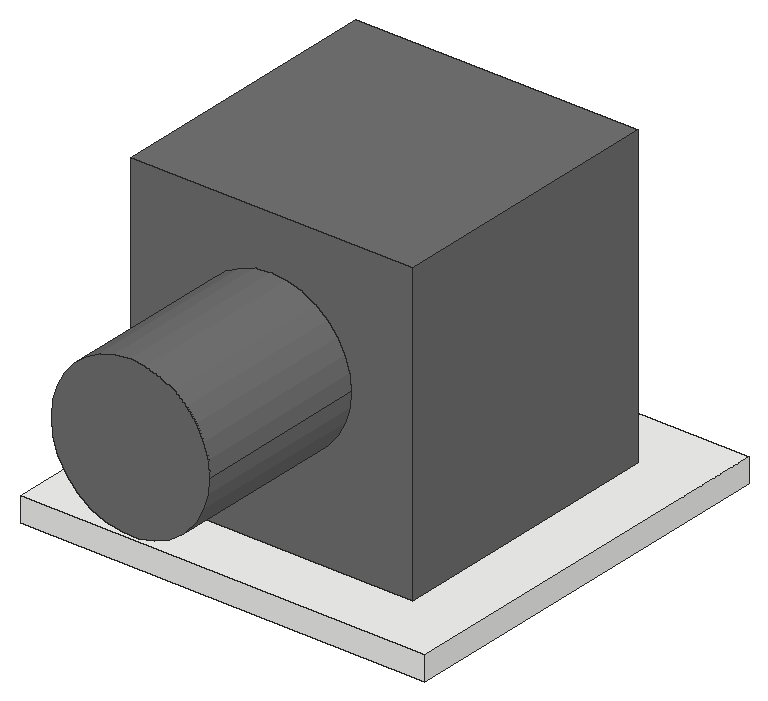
Revit family "ダクト用換気扇_60Hz", category 機械設備, Revit 2019
Family settings
  丸型コネクタ寸法 = 直径を使用
  パーツ タイプ = 標準
  OmniClass 番号 = 23.75.35.17.27
  OmniClass タイトル = Centrifugal Fans
  作業面ベース = いいえ
  常に垂直 = はい
  ロード時にボイドで切り取り = いいえ
  共有 = いいえ
  部屋計算ポイント = はい
Parameters (values of type "VD-10ZVC6")
  騒音レベル(dB(A)) [instance] = 23.5
  風量 [instance] = 100.0 m³/h
  電源種別 [instance] = ""
  電圧 = 100 V
  電動機出力 = 0 W
  電動機_種別 [instance] = ""
  運転質量 = 0.00 kg
  連動 [instance] = ""
  質量 = if(製品質量 > 運転質量, 製品質量, 運転質量) * 1.2  # 1.68 kg
  負荷分類 = 3_ファン類
  説明 = "ダクト用換気扇 低騒音形 24時間換気機能付 定風量タイプ"
  設計風量 [instance] = 0.0 m³/h
  設置方法 = "天埋"
  記号 [instance] = ""
  製造元 = "三菱電機株式会社"
  製品質量 = 1.40 kg
  製品出荷対象 = "国内"
  製品リリース年月 = "2022年6月1日"
  製品グループ = ""
  羽根径 = "∅100"
  系統 [instance] = ""
  符号 [instance] = if(☑給気／□排気, "FS", "FE")  # "FE"
  積算_科目 = "2 換気設備"
  積算_拾い区分 [instance] = ""
  相 = 1
  盤記号 [instance] = ""
  発停方法 [instance] = ""
  特殊仕様 [instance] = ""
  火災停止 [instance] = ""
  消費電力 = 2.6 W
  法定耐用年数 = "15"
  機外静圧 [instance] = 90.0 Pa
  極数 = 2
  材質 [instance] = ""
  操作・制御方式 = ""
  操作・制御スイッチ = ""
  排気量 [instance] = if(☑給気／□排気, 0.0 m³/h, 設計風量)  # 0.0 m³/h
  形式 = "天井埋込ダクト形"
  幹線記号 [instance] = ""
  対象室 [instance] = ""
  実風量 [instance] = 0.0 m³/h
  始動方式 [instance] = "直入"
  外気量 [instance] = if(☑給気／□排気, 設計風量, 0.0 m³/h)  # 0.0 m³/h
  呼称 = "天井扇"
  周波数 = 60 Hz
  参照している仕様書等のバージョン = ""
  分類コード = "50052503100030"
  分類グループ = ""
  価格 = 26000
  企業コード = "108420"
  付属品_防振装置 = ""
  付属品 [instance] = ""
  仕様書バージョン = "Version1.0"
  モデル = "VD-10ZVC6"
  マテリアル = 合成樹脂(黒)
  ファンの種類 = ""
  ダクト径 = 100 mm
  コメント [instance] = ""
  Keynote = ""
  カバーマテリアル = 合成樹脂(白)
  ☑給気／□排気 [instance] = no
  Width = 174 mm
  W1 = 250 mm
  Version = ""
  Uniclass2015Version = "Systems v1.9"
  Uniclass2015Title = "Centrifugal fans"
  Uniclass2015Code = "Pr_65_67_29_12"
  URL = "https://www.mitsubishielectric.co.jp/ldg/wink/ssl/displayProduct.do?pid=320864"
  SpecificationReference = ""
  SpecificationDescription = ""
  Revision = ""
  ProductInformation = ""
  OmniClassCode = "23-33 31 19 11 15"
  OAサイズ_D = 0 mm
  MIN風量 = 60.0 m³/h
  MIN静圧 = 50.0 Pa
  MID風量 = 0.0 m³/h
  MID静圧 = 0.0 Pa
  MAX風量 = 100.0 m³/h
  MAX静圧 = 90.0 Pa
  IfcTypeProduct = ""
  IfcProduct = ""
  IfcExportType = "PROPELLORAXIAL"
  IfcExportAs = "IfcFanType"
  Height = 184 mm
  H1 = 15 mm
  EAサイズ_D = 98 mm
  Duct_Depth = 109 mm
  Duct_Center = 0 mm
  Depth = 174 mm
  D2 = 102 mm
  D1 = 250 mm
  Author = "三菱電機株式会社"
Types (4, lengths in mm): name | 騒音レベル(dB(A)) | 風量 | 質量 | 製品質量 | 羽根径 | 消費電力 | 機外静圧 | 価格 | モデル | マテリアル | ダクト径 | Width | W1 | URL | MIN風量 | MIN静圧 | MAX風量 | MAX静圧 | Height | H1 | EAサイズ_D | Duct_Depth | Duct_Center | Depth | D2 | D1
  VD-10ZVC6 | 23.5 | 100.0 m³/h | 1.68 kg | 1.40 kg | "∅100" | 2.6 W | 90.0 Pa | 26000 | "VD-10ZVC6" | 合成樹脂(黒) | 100 | 174 | 250 | "https://www.mitsubishielectric.co.jp/ldg/wink/ssl/displayProduct.do?pid=320864" | 60.0 m³/h | 50.0 Pa | 100.0 m³/h | 90.0 Pa | 184 | 15 | 98 | 109 | 0 | 174 | 102 | 250
  VD-13ZVC6 | 27.5 | 120.0 m³/h | 1.92 kg | 1.60 kg | "∅115" | 3.3 W | 78.0 Pa | 29600 | "VD-13ZVC6" | 合成樹脂(黒) | 100 | 198 | 286 | "https://www.mitsubishielectric.co.jp/ldg/wink/ssl/displayProduct.do?pid=320708" | 75.0 m³/h | 57.0 Pa | 120.0 m³/h | 78.0 Pa | 195 | 15 | 98 | 109 | 56 | 198 | 102 | 286
  VD-15ZVC6 | 28 | 160.0 m³/h | 2.88 kg | 2.40 kg | "∅140" | 5 W | 130.0 Pa | 40300 | "VD-15ZVC6" | 合成樹脂(黒) | 100 | 254 | 330 | "https://www.mitsubishielectric.co.jp/ldg/wink/ssl/displayProduct.do?pid=320664" | 85.0 m³/h | 80.0 Pa | 160.0 m³/h | 130.0 Pa | 200 | 18 | 98 | 109 | 0 | 254 | 109 | 330
  VD-23ZVB6 | 39.5 | 480.0 m³/h | 8.40 kg | 7.00 kg | "∅230" | 22 W | 150.0 Pa | 81500 | "VD-23ZVB6" | 溶融亜鉛めっき鋼板 | 150 | 386 | 475 | "https://www.mitsubishielectric.co.jp/ldg/wink/ssl/displayProduct.do?pid=320940" | 280.0 m³/h | 150.0 Pa | 480.0 m³/h | 150.0 Pa | 221 | 18 | 144 | 142 | 111 | 386 | 135 | 475
Reference planes
  plane 1 "中心(正面/背面)": y = 0
  plane 2: z = 0
  plane 3 "中心(左/右)": x = 0
  plane 4: x = -125
  plane 5: x = 125
  plane 6: y = 125
  plane 7: y = -125
  plane 8: x = -87
  plane 9: x = 87
  plane 10: y = 87
  plane 11: y = -87
  plane 12: y = -196
  plane 13: z = 184
  plane 14: z = -15
  plane 15: z = 102
  plane 16: x = 0
Forms (mm)
  Extrusion 1, solid, material "合成樹脂(黒)" <- "マテリアル", detail levels fine
    sketch origin (0, 0, 0) x (1, 0, 0) y (0, 1, 0)
      loop
        line (-87, 87) -> (-87, -87) -> (87, -87) -> (87, 87) -> (-87, 87)
    from 0 to 184
  Extrusion 2, solid, material "合成樹脂(白)" <- "カバーマテリアル", detail levels fine
    sketch origin (0, 0, 0) x (1, 0, 0) y (0, 1, 0)
      loop
        line (-125, 125) -> (-125, -125) -> (125, -125) -> (125, 125) -> (-125, 125)
    from 0 to -15
  Extrusion 3, solid, material "合成樹脂(黒)" <- "マテリアル", detail levels fine
    sketch origin (0, 0, 0) x (1, 0, 0) y (0, 0, 1)
      loop
        circle (0, 102) r 49
    from 87 to 196
Dimensions and locks
  equal spacing: plane 4, plane 3 "中心(左/右)", plane 5
  "W1": plane 4 to plane 5
  equal spacing: plane 6, plane 1 "中心(正面/背面)", plane 7
  "D1": plane 6 to plane 7
  equal spacing: plane 8, plane 3 "中心(左/右)", plane 9
  "Width": plane 8 to plane 9
  equal spacing: plane 10, plane 1 "中心(正面/背面)", plane 11
  "Depth": plane 10 to plane 11
  "Duct_Depth": plane 11 to plane 12
  "Height": plane 13 to plane 2
  "D2": plane 15 to plane 2
  "H1": plane 2 to plane 14
  "Duct_Center": plane 3 "中心(左/右)" to plane 16
  "EAサイズ_D": diameter of Extrusion 3 sketch curve
  aligned and locked: level to plane 2
  aligned and locked: plane 5 to Extrusion 2
  aligned and locked: plane 6 to Extrusion 2
  aligned and locked: Extrusion 2 to plane 4
  aligned and locked: Extrusion 2 to plane 7
  aligned and locked: plane 9 to Extrusion 1
  aligned and locked: Extrusion 1 to plane 11
  aligned and locked: Extrusion 1 to plane 8
  aligned and locked: plane 10 to Extrusion 1
  aligned and locked: plane 13 to Extrusion 1
  aligned and locked: Extrusion 2 to plane 14
  aligned and locked: level to Extrusion 2
  aligned and locked: Extrusion 1 to level
  aligned and locked: Extrusion 3 to plane 12
  aligned and locked: plane 11 to Extrusion 3
Automatic sketch dimensions
  Extrusion 1 sketch curve to plane 3 "中心(左/右)" = 87 mm
  plane 3 "中心(左/右)" to Extrusion 1 sketch curve = 87 mm
  Extrusion 2 sketch curve to plane 3 "中心(左/右)" = 125 mm
  plane 3 "中心(左/右)" to Extrusion 2 sketch curve = 125 mm
  plane 1 "中心(正面/背面)" to Extrusion 1 sketch curve = 87 mm
  Extrusion 1 sketch curve to plane 1 "中心(正面/背面)" = 87 mm
  plane 1 "中心(正面/背面)" to Extrusion 2 sketch curve = 125 mm
  Extrusion 2 sketch curve to plane 1 "中心(正面/背面)" = 125 mm
  Extrusion 3 sketch curve to plane 15 = 0 mm
  Extrusion 3 sketch curve to plane 16 = 0 mm
Nested families
  nested 1: "記号_天井換気扇_平面" at (0, 0, 0), type "記号_天井換気扇_平面", detail levels coarse+medium
Connectors
  hvac at (0, -196, 102), driven by "ダクト径", driven by "風量", driven by "機外静圧"
    settings: on Extrusion 3, index 1, duct flow 100.0 m³/h, flow factor 0, pres drop 90.0 Pa, loss coef 0, conn angle 0.00°, conn width 304.8 mm, conn height 304.8 mm, conn diameter 100 mm, duct sys type 3, conn prof type 0, flow config 0, flow direction 2, loss method 4, conn ref index -1, conn util no, is conn primary yes, conn desc ""
  electrical at (0, 0, 0), driven by "相", driven by "負荷分類", driven by "電圧", driven by "消費電力"
    settings: on Extrusion 1, index 2, voltage 100 V, apparent load 2.6 VA, apparent load phase1 0 VA, apparent load phase2 0 VA, apparent load phase3 0 VA, power factor 1, load classification "3_ファン類", number of poles 1, system type 30, power factor state 1, is connector primary yes, connector utility no, sub classification motor no, connector description ""
Definition of nested family "記号_天井換気扇_平面"
  Reference planes
    plane 1: y = 0
    plane 2: x = 0
  Lines and regions (mm)
    detail lines
      curve 1: line (-2.5, 2.5, 0) -> (2.5, 2.5, 0)
      curve 2: line (-2.5, -2.5, 0) -> (-2.5, 2.5, 0)
      curve 3: line (2.5, -2.5, 0) -> (-2.5, -2.5, 0)
      curve 4: line (2.5, 2.5, 0) -> (2.5, -2.5, 0)
      curve 5: circle (-1.04, -1.04, 0) r 1.46 normal (0, 0, 1)
      curve 6: circle (1.04, 1.04, 0) r 1.46 normal (0, 0, 1)
      curve 7: line (-3.125, 3.125, 0) -> (3.125, 3.125, 0)
      curve 8: line (-3.125, -3.125, 0) -> (-3.125, 3.125, 0)
      curve 9: line (3.125, -3.125, 0) -> (-3.125, -3.125, 0)
      curve 10: line (3.125, 3.125, 0) -> (3.125, -3.125, 0)
      curve 11: circle (1.295, 1.295, 0) r 1.83 normal (0, 0, 1)
      curve 12: circle (-1.295, -1.295, 0) r 1.83 normal (0, 0, 1)
      curve 13: line (-2, 2, 0) -> (2, 2, 0)
      curve 14: line (-2, -2, 0) -> (-2, 2, 0)
      curve 15: line (2, -2, 0) -> (-2, -2, 0)
      curve 16: line (2, 2, 0) -> (2, -2, 0)
      curve 17: circle (0.84, 0.84, 0) r 1.16 normal (0, 0, 1)
      curve 18: circle (-0.84, -0.84, 0) r 1.2 normal (0, 0, 1)
